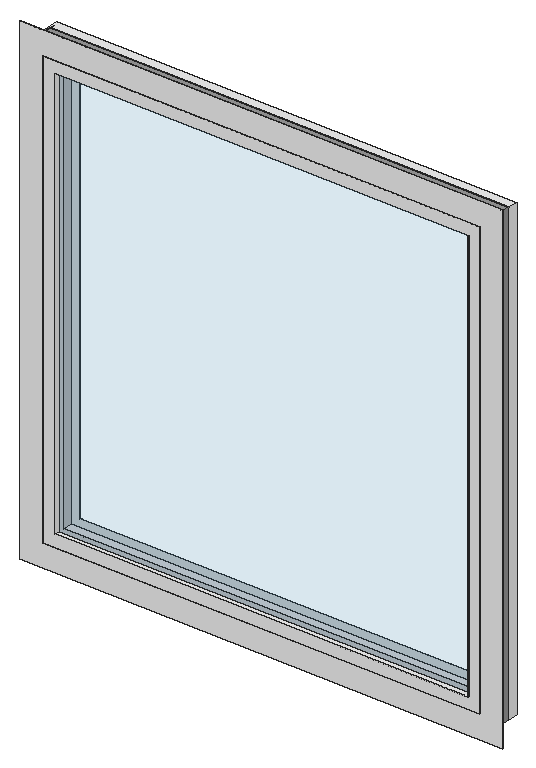
Revit family "Edge_TB42_I_Top_Hung_Standard", category Windows, host Wall, Revit 2014
Parameters (values of type "Casement_Sash_DG")
  Width Sash [instance] = 30 mm
  Width Sash Inner = 15 mm
  Width Bead = 15 mm
  Top Hung [instance] = yes
  Thermal Break Material = Rubber, Black
  Thermal Break Length = 16 mm
  Side Hung Right [instance] = yes
  Side Hung Left [instance] = yes
  Sash Opening Width [instance] = 600 mm
  Sash Opening Height [instance] = 600 mm
  Sash Lip = 15 mm
  Sash Leg [instance] = (Depth Sash - Thermal Break Length) / 2  # 13 mm
  SG Bead Leg = 6.683 mm
  Glazing Material [instance] = Glass
  Glazing Offset = 5 mm
  DG Start Piece 2 [instance] = DG End Piece 1 + DG Gasket Thickness  # 24.158 mm
  DG Start Peice 1 [instance] = ((Depth Sash - (2 * DG Glazing Thickness) - DG Gasket Thickness) / 2) - (SG Bead Leg - Aluminium Thickness) / 2  # 5.758 mm
  DG Glazing Thickness [instance] = 6.4 mm
  DG Gasket Thickness = 12 mm  # constant formula
  DG Gasket Material [instance] = none
  Depth Sash [instance] = 42 mm
  DG End Piece 2 [instance] = DG Start Piece 2 + DG Glazing Thickness  # 30.558 mm
  DG End Piece 1 [instance] = DG Start Peice 1 + DG Glazing Thickness  # 12.158 mm
  Center Vertical Sash [instance] = Sash Opening Height / 2  # 300 mm
  Center Horizontal Sash [instance] = Sash Opening Width / 2  # 300 mm
  Bottom Hung [instance] = yes
  Bead Offset = 15 mm
  Aluminium Thickness = 1 mm
  Aluminium Material [instance] = White Powder Coated Aluminium
Reference planes
  plane 1 "Center (Front/Back)": y = 0
  plane 2: z = 0
  plane 3 "Center (Left/Right)": x = 0
Forms (mm)
  Sweep 1, solid, material "White Powder Coated Aluminium" <- "Aluminium Material"
    path origin (16.177, 0, 121.331) x (1, 0, 0) y (0, 0, 1)
      loop
        line (0, 0) -> (600, 0) -> (600, 600) -> (0, 600) -> (0, 0)
    profile origin (316.177, 0, 121.331) x (0, 0, 1) y (0, -1, 0)
      loop
        line (0, 0) -> (30, 0) -> (30, 1) -> (15, 1) -> (15, 13) -> (14, 13) -> (14, 1) -> (1, 1) -> (1, 13) -> (0, 13) -> (0, 0)
      loop
        line (15, 42) -> (-15, 42) -> (-15, 41) -> (0, 41) -> (0, 29) -> (1, 29) -> (1, 41) -> (14, 41) -> (14, 29) -> (15, 29) -> (15, 42)
  Sweep 2, solid, material "White Powder Coated Aluminium" <- "Aluminium Material"
    path origin (0, 0, 0) x (1, 0, 0) y (0, 0, 1)
      loop
        line (31.177, 706.331) -> (31.177, 136.331) -> (601.177, 136.331) -> (601.177, 706.331) -> (31.177, 706.331)
    profile origin (316.177, 0, 706.331) x (0, 0, 1) y (0, -1, 0)
      loop
        line (0, 41) -> (0, 42) -> (-15, 42) -> (-15, 35.317) -> (-14, 35.317) -> (-14, 41) -> (0, 41)
  Extrusion 3, solid, material "Glass" <- "Glazing Material"
    sketch origin (0, 0, 0) x (1, 0, 0) y (0, 0, 1)
      loop
        line (36.177, 701.331) -> (36.177, 141.331) -> (596.177, 141.331) -> (596.177, 701.331) -> (36.177, 701.331)
    from 5.758 <- "DG Start Peice 1" to 12.158 <- "DG End Piece 1"
  Extrusion 4, solid, material "Glass" <- "Glazing Material"
    sketch origin (0, 0, 0) x (1, 0, 0) y (0, 0, 1)
      loop
        line (36.177, 701.331) -> (36.177, 141.331) -> (596.177, 141.331) -> (596.177, 701.331) -> (36.177, 701.331)
    from 30.558 <- "DG End Piece 2" to 24.158 <- "DG Start Piece 2"
  Sweep 5, solid, material <- "DG Gasket Material"
    path origin (0, -12.158, 0) x (1, 0, 0) y (0, 0, 1)
      loop
        line (36.177, 701.331) -> (36.177, 141.331) -> (596.177, 141.331) -> (596.177, 701.331) -> (36.177, 701.331)
    profile origin (316.177, -12.158, 701.331) x (0, 0, 1) y (0, -1, 0)
      loop
        line (0, 0) -> (0, 12) -> (-7.96, 12) -> (-7.96, 0) -> (0, 0)
  Sweep 6, solid, material "Rubber, Black" <- "Thermal Break Material"
    path origin (16.177, -13, 121.331) x (1, 0, 0) y (0, 0, 1)
      loop
        line (-15, 615) -> (-15, -15) -> (615, -15) -> (615, 615) -> (-15, 615)
    profile origin (316.177, -13, 736.331) x (0, 0, 1) y (0, -1, 0)
      loop
        line (-15, 16) -> (-16, 16) -> (-16, 0) -> (-15, 0) -> (-15, 16)
      loop
        line (-29, 16) -> (-30, 16) -> (-30, 0) -> (-29, 0) -> (-29, 16)
Lines and regions (mm)
  model lines
    curve 1: line (1.177, -42, 736.331) -> (31.177, -42, 706.331)
    curve 2: line (601.177, -42, 706.331) -> (631.177, -42, 736.331)
    curve 3: line (601.177, -42, 136.331) -> (631.177, -42, 106.331)
    curve 4: line (1.177, -42, 106.331) -> (31.177, -42, 136.331)
    curve 5: line (631.177, -41, 736.331) -> (616.177, -41, 721.331)
    curve 6: line (1.177, -41, 736.331) -> (16.177, -41, 721.331)
    curve 7: line (1.177, -41, 106.331) -> (16.177, -41, 121.331)
    curve 8: line (631.177, -41, 106.331) -> (616.177, -41, 121.331)
    curve 9: line (616.177, 0, 121.331) -> (586.177, 0, 151.331)
    curve 10: line (46.177, 0, 151.331) -> (16.177, 0, 121.331)
    curve 11: line (616.177, 0, 721.331) -> (586.177, 0, 691.331)
    curve 12: line (46.177, 0, 691.331) -> (16.177, 0, 721.331)
    curve 13: line (31.177, -42, 691.331) -> (46.177, -42, 691.331)
    curve 14: line (586.177, -42, 691.331) -> (601.177, -42, 691.331)
    curve 15: line (586.177, -42, 151.331) -> (601.177, -42, 151.331)
    curve 16: line (31.177, -42, 151.331) -> (46.177, -42, 151.331)
  model lines, style "GenericModelHiddenLines", visible <- "Top Hung"
    curve 17: line (46.386, -30.558, 690.602) -> (316.177, -30.558, 151.331)
    curve 18: line (316.177, -30.558, 151.331) -> (586.177, -30.558, 691.018)
  model lines, style "GenericModelHiddenLines", visible <- "Bottom Hung"
    curve 19: line (46.177, -30.558, 151.331) -> (316.177, -30.558, 691.018)
    curve 20: line (316.177, -30.558, 691.018) -> (586.177, -30.558, 151.331)
  model lines, style "GenericModelHiddenLines", visible <- "Side Hung Left"
    curve 21: line (46.386, -30.558, 690.602) -> (585.24, -30.558, 421.331)
    curve 22: line (585.24, -30.558, 421.331) -> (46.177, -30.558, 151.331)
  model lines, style "GenericModelHiddenLines", visible <- "Side Hung Right"
    curve 23: line (586.177, -30.558, 691.018) -> (46.177, -30.558, 421.331)
    curve 24: line (46.177, -30.558, 421.331) -> (586.177, -30.558, 151.331)
Dimensions and locks
  "Aluminium Thickness": Sweep 1 sketch curve to Sweep 1 sketch curve  (x6)
  "Depth Sash": Sweep 1 sketch curve to Sweep 1 sketch curve
  "Sash Opening Width": Sweep 1 to Sweep 1
  "Sash Opening Height": Sweep 1 to Sweep 1
  "Width Sash": Sweep 1 sketch curve to Sweep 1 sketch curve  (x2)
  "Width Sash Inner": Sweep 1 sketch curve to Sweep 1 sketch curve
  "Sash Lip": Sweep 1 sketch curve to Sweep 1 sketch curve
  "Glazing Offset": Sweep 2 to Extrusion 3 sketch curve  (x3)
  "Glazing Offset": Extrusion 3 sketch curve to Sweep 2
  Sweep 1 to Sweep 1 = 1 mm
  "Width Bead": Sweep 2 sketch curve to Sweep 2 sketch curve
  locked: Sweep 5 sketch curve to Sweep 5 sketch curve at 7.96
  "Center Horizontal Sash": Sweep 1 to curve 18
  "Center Horizontal Sash": Sweep 1 to curve 20
  "Center Vertical Sash": Sweep 1 to curve 22
  "Center Vertical Sash": Sweep 1 to curve 24
  "Sash Leg": Sweep 1 sketch curve to Sweep 1 sketch curve
  "Aluminium Thickness": Sweep 2 sketch curve to Sweep 2 sketch curve  (x2)
  "SG Bead Leg": Sweep 2 sketch curve to Sweep 2 sketch curve
  aligned and locked: level to plane 2
  aligned and locked: Sweep 1 sketch curve to Sweep 1 sketch curve  (x3)
  aligned and locked: Sweep 2 sketch curve to Sweep 1  (x4)
  aligned and locked: Sweep 1 to Sweep 2 sketch curve  (x2)
  aligned and locked: Extrusion 4 sketch curve to Extrusion 3  (x4)
  aligned and locked: Sweep 5 sketch curve to Extrusion 3  (x5)
  aligned and locked: Extrusion 3 to Sweep 5 sketch curve
  aligned and locked: Sweep 6 sketch curve to Sweep 1  (x10)
  aligned and locked: Sweep 1 to Sweep 6 sketch curve  (x2)
Automatic sketch dimensions
  plane 3 "Center (Left/Right)" to Sweep 1 sketch curve = 16.177 mm
  level to Sweep 1 sketch curve = 121.331 mm
  plane 3 "Center (Left/Right)" to Sweep 1 sketch curve = 616.177 mm
  level to Sweep 1 sketch curve = 721.331 mm
  profile plane to Sweep 5 sketch curve = 12 mm
  curve 7 to Sweep 1 = 0 mm  (x4)
  curve 6 to Sweep 1 = 0 mm  (x3)
  Sweep 1 to curve 6 = 0 mm
  curve 5 to Sweep 1 = 0 mm  (x3)
  curve 8 to Sweep 1 = 0 mm  (x4)
  Sweep 1 to curve 5 = 0 mm
  curve 16 to Sweep 2 = 0 mm  (x3)
  curve 13 to Sweep 2 = 0 mm  (x3)
  curve 15 to Sweep 2 = 0 mm
  Sweep 2 to curve 15 = 0 mm  (x2)
  curve 14 to Sweep 2 = 0 mm  (x2)
  Sweep 2 to curve 14 = 0 mm
  curve 1 to Sweep 1 = 0 mm  (x4)
  curve 4 to Sweep 1 = 0 mm  (x4)
  curve 2 to Sweep 1 = 0 mm  (x4)
  curve 3 to Sweep 1 = 0 mm  (x2)
  Sweep 1 to curve 3 = 0 mm  (x2)
  curve 10 to Sweep 1 = 0 mm  (x4)
  curve 12 to Sweep 1 = 0 mm  (x2)
  Sweep 1 to curve 12 = 0 mm  (x2)
  curve 11 to Sweep 1 = 0 mm  (x4)
  curve 9 to Sweep 1 = 0 mm  (x4)
  profile plane to Sweep 1 sketch curve = 0 mm  (x2)
  Sweep 1 sketch curve to plane 1 "Center (Front/Back)" = 0 mm
  Sweep 1 sketch curve to Sweep 1 sketch curve = 13 mm
  Sweep 1 sketch curve to Sweep 1 sketch curve = 12 mm  (x2)
  curve 21 to Extrusion 4 = 10.208 mm
  curve 19 to Extrusion 4 = 10 mm
  curve 23 to Extrusion 4 = 10 mm  (x2)
  curve 22 to Extrusion 4 = 10.937 mm
  curve 20 to Extrusion 4 = 10 mm
  curve 24 to Extrusion 4 = 10 mm
  curve 22 to Extrusion 4 = 10 mm
  curve 18 to Extrusion 4 = 10 mm
  curve 21 to Extrusion 4 = 10.729 mm
  curve 19 to Extrusion 4 = 10.312 mm
  curve 18 to Extrusion 4 = 10.312 mm
Types in the file's own list only (24): name | Windload Design | Width Sash Opening | Width Sash 2 | Width Sash 1 | Width Profile | Width Panel 4 | Width Panel 3 | Width Panel 2 | Width Panel 1 | Width | URL | Max System DG Unit Thickness | Max System DG One Piece Thickness | Max Pane Area | Limit Sash Bottom Height Max Calc | Limit Sash Bottom Height Max Based On Top Sash | Intruderprufe U Value | Intruderprufe SHGC Value | Intruderprufe LowE U Value | Intruderprufe LowE SHGC Value | Intruderprufe Insulated U Value | Intruderprufe Insulated SHGC Value | Intruderprufe Insulated LowE U Value | Intruderprufe Insulated LowE SHGC Value | Height | Has Stiffener Cap | Energy Advantage U Value | Energy Advantage SHGC Value | DG Thickness Calc | Custom Window Width | Custom Window Height | Custom Windload | Custom Sash Width | Custom Sash Bottom Height | Custom Sash Top Height | Sash Spacing Inner | Sash Overlap | Sash Center Offset | SG Gasket Thickness | Offset Window Exterior | Offset Sash Left | Offset Sash 2 Top | Offset Sash 1 Top | Offset Panel 4 Left | Offset Panel 3 Bead Top | Offset Mullion Left | Offset Transom 2 Top | Offset Transom 1 Top | Offset Bead SG Center Reversed | Model | Manufacturer | Limit Window Width Min | Limit Window Width Max | Limit Window Height Min | Limit Window Height Max | Limit Sash Width Min | Limit Sash Width Max | Limit Sash Bottom Height Min | Limit Sash Bottom Height Max | Limit Sash Top Height Min | Limit Sash Top Height Max | Limit Fixed Pane Width Min | Limit Fixed Pane Width Max | Limit Fixed Pane Height Min | Limit Fixed Pane Height Max | Length Transom | Length Mullion | Height Sash Bottom Opening | Height Sash Bottom | Height Sash Top Opening | Height Sash Top | Height Panel 4 | Height Panel 3 | Height Panel 2 | Height Panel 1 | Description | Depth Mullion | Frame Center Offset | Depth Bead | Default Sill Height | Wall Closure | DG Gasket Finish | DG Extrusion Start | Mullion Depth Windload Based | Window Exterior Offset | Clearvue U Value | Clearvue SHGC Value | Clearvue Insulated U Value | Clearvue Insulated SHGC Value | Clearvue Insulated LowE U Value | Clearvue Insulated LowE SHGC Value | Casement Dimension | Bottom Hung | Bead SG Gap | Area Pane Right | Area Pane Left Top | Area Pane Left Middle | Area Pane Left Bottom
  EDGE-1215DT-1000Pa | 1000 mm | 554 mm | 524 mm | 524 mm | 30 mm | 560 mm | 540 mm | 540 mm | 540 mm | 1190 mm | "http://www.crealco.co.za/crealco-products.php" | 25 mm | 6 mm | 0.78 m² | 644 mm | 644 mm | 7.17 | 0.829 | 5.28 | 0.74 | 4.03 | 0.734 | 3.31 | 0.664 | 1490 mm | Yes | 5.3 | 0.794 | 4 mm | 1190 mm | 1490 mm | 1000 mm | 554 mm | 554 mm | 554 mm | 8 mm | 7 mm | 18 mm | 6 mm | 21 mm | 23 mm | 593 mm | 23 mm | 600 mm | 1170 mm | 570 mm | 1140 mm | 570 mm | 21 mm | "Edge" | "Crealco" | 830 mm | 2130 mm | 1400 mm | 1860 mm | 300 mm | 1500 mm | 300 mm | 644 mm | 300 mm | 1200 mm | 200 mm | 1500 mm | 200 mm | 1800 mm | 540 mm | 1490 mm | 554 mm | 524 mm | 554 mm | 524 mm | 1430 mm | 290 mm | 540 mm | 540 mm | "Thermal break casement windows (42mm), Type I top hung" | 1 mm | 21 mm | 28 mm | 800 mm | By host | Double Glazing Gasket Material | 11 mm | 1 mm | 0 mm | 7.3 | 0.888 | 4.09 | 0.8 | 3.36 | 0.727 | 42 mm | No | 13 mm | 0.78 m² | 0.23 m² | 0.23 m² | 0.15 m²
  EDGE-1515DT-1000Pa | 1000 mm | 554 mm | 524 mm | 524 mm | 30 mm | 860 mm | 540 mm | 540 mm | 540 mm | 1490 mm | "http://www.crealco.co.za/crealco-products.php" | 25 mm | 6 mm | 1.21 m² | 644 mm | 644 mm | 8.07 | 0.961 | 5.79 | 0.856 | 4.39 | 0.848 | 3.53 | 0.766 | 1490 mm | Yes | 5.83 | 0.919 | 4 mm | 1490 mm | 1490 mm | 1000 mm | 554 mm | 554 mm | 554 mm | 8 mm | 7 mm | 18 mm | 6 mm | 21 mm | 23 mm | 593 mm | 23 mm | 600 mm | 1170 mm | 570 mm | 1140 mm | 570 mm | 21 mm | "Edge" | "Crealco" | 830 mm | 2130 mm | 1400 mm | 1860 mm | 300 mm | 1500 mm | 300 mm | 644 mm | 300 mm | 1200 mm | 200 mm | 1500 mm | 200 mm | 1800 mm | 540 mm | 1490 mm | 554 mm | 524 mm | 554 mm | 524 mm | 1430 mm | 290 mm | 540 mm | 540 mm | "Thermal break casement windows (42mm), Type I top hung" | 1 mm | 21 mm | 28 mm | 800 mm | By host | Double Glazing Gasket Material | 11 mm | 1 mm | 0 mm | 8.22 | 1.028 | 4.46 | 0.923 | 3.59 | 0.839 | 42 mm | No | 13 mm | 1.21 m² | 0.23 m² | 0.23 m² | 0.15 m²
  EDGE-1218DT-1000Pa | 1000 mm | 554 mm | 524 mm | 524 mm | 30 mm | 560 mm | 540 mm | 540 mm | 540 mm | 1190 mm | "http://www.crealco.co.za/crealco-products.php" | 25 mm | 6 mm | 0.95 m² | 944 mm | 944 mm | 7.61 | 0.902 | 5.53 | 0.804 | 4.2 | 0.797 | 3.41 | 0.721 | 1790 mm | Yes | 5.56 | 0.863 | 4 mm | 1190 mm | 1790 mm | 1000 mm | 554 mm | 554 mm | 554 mm | 8 mm | 7 mm | 18 mm | 6 mm | 21 mm | 23 mm | 593 mm | 23 mm | 600 mm | 1170 mm | 570 mm | 1140 mm | 570 mm | 21 mm | "Edge" | "Crealco" | 830 mm | 2130 mm | 1400 mm | 1860 mm | 300 mm | 1500 mm | 300 mm | 944 mm | 300 mm | 1200 mm | 200 mm | 1500 mm | 200 mm | 1800 mm | 540 mm | 1790 mm | 554 mm | 524 mm | 554 mm | 524 mm | 1730 mm | 590 mm | 540 mm | 540 mm | "Thermal break casement windows (42mm), Type I top hung" | 1 mm | 21 mm | 28 mm | 800 mm | By host | Double Glazing Gasket Material | 11 mm | 1 mm | 0 mm | 7.76 | 0.965 | 4.26 | 0.868 | 3.47 | 0.789 | 42 mm | No | 13 mm | 0.95 m² | 0.23 m² | 0.23 m² | 0.31 m²
  EDGE-1518DT-1000Pa | 1000 mm | 554 mm | 524 mm | 524 mm | 30 mm | 860 mm | 540 mm | 540 mm | 540 mm | 1490 mm | "http://www.crealco.co.za/crealco-products.php" | 25 mm | 6 mm | 1.46 m² | 944 mm | 944 mm | 8.69 | 1.057 | 6.16 | 0.94 | 4.65 | 0.93 | 3.7 | 0.841 | 1790 mm | Yes | 7.9 | 0 | 4 mm | 1490 mm | 1790 mm | 1000 mm | 554 mm | 554 mm | 554 mm | 8 mm | 7 mm | 18 mm | 6 mm | 21 mm | 23 mm | 593 mm | 23 mm | 600 mm | 1170 mm | 570 mm | 1140 mm | 570 mm | 21 mm | "Edge" | "Crealco" | 830 mm | 2130 mm | 1400 mm | 1860 mm | 300 mm | 1500 mm | 300 mm | 944 mm | 300 mm | 1200 mm | 200 mm | 1500 mm | 200 mm | 1800 mm | 540 mm | 1790 mm | 554 mm | 524 mm | 554 mm | 524 mm | 1730 mm | 590 mm | 540 mm | 540 mm | "Thermal break casement windows (42mm), Type I top hung" | 1 mm | 21 mm | 28 mm | 800 mm | By host | Double Glazing Gasket Material | 11 mm | 1 mm | 0 mm | 7.9 | 0 | 4.73 | 1.012 | 3.77 | 0.92 | 42 mm | No | 13 mm | 1.46 m² | 0.23 m² | 0.23 m² | 0.31 m²
  EDGE-1815DT-1000Pa | 1000 mm | 854 mm | 824 mm | 824 mm | 30 mm | 860 mm | 840 mm | 840 mm | 840 mm | 1790 mm | "http://www.crealco.co.za/crealco-products.php" | 25 mm | 6 mm | 1.21 m² | 644 mm | 644 mm | 7.42 | 0.872 | 5.34 | 0.777 | 4.05 | 0.769 | 3.27 | 0.694 | 1490 mm | Yes | 5.37 | 0.834 | 4 mm | 1790 mm | 1490 mm | 1000 mm | 854 mm | 554 mm | 554 mm | 8 mm | 7 mm | 18 mm | 6 mm | 21 mm | 23 mm | 593 mm | 23 mm | 900 mm | 1170 mm | 870 mm | 1140 mm | 570 mm | 21 mm | "Edge" | "Crealco" | 1130 mm | 2430 mm | 1400 mm | 1860 mm | 300 mm | 1500 mm | 300 mm | 644 mm | 300 mm | 1200 mm | 200 mm | 1500 mm | 200 mm | 1800 mm | 840 mm | 1490 mm | 554 mm | 524 mm | 554 mm | 524 mm | 1430 mm | 290 mm | 540 mm | 540 mm | "Thermal break casement windows (42mm), Type I top hung" | 1 mm | 21 mm | 28 mm | 800 mm | By host | Double Glazing Gasket Material | 11 mm | 1 mm | 0 mm | 7.56 | 0.933 | 4.12 | 0.837 | 3.32 | 0.76 | 42 mm | No | 13 mm | 1.21 m² | 0.38 m² | 0.38 m² | 0.23 m²
  EDGE-2415DT-1000Pa | 1000 mm | 854 mm | 824 mm | 824 mm | 30 mm | 1460 mm | 840 mm | 840 mm | 840 mm | 2390 mm | "http://www.crealco.co.za/crealco-products.php" | 25 mm | 6 mm | 2.06 m² | 644 mm | 644 mm | 8.53 | 1.034 | 5.99 | 0.919 | 4.51 | 0.908 | 3.56 | 0.82 | 1490 mm | Yes | 7.9 | 0 | 4 mm | 2390 mm | 1490 mm | 1000 mm | 854 mm | 554 mm | 554 mm | 8 mm | 7 mm | 18 mm | 6 mm | 21 mm | 23 mm | 593 mm | 23 mm | 900 mm | 1170 mm | 870 mm | 1140 mm | 570 mm | 21 mm | "Edge" | "Crealco" | 1130 mm | 2430 mm | 1400 mm | 1860 mm | 300 mm | 1500 mm | 300 mm | 644 mm | 300 mm | 1200 mm | 200 mm | 1500 mm | 200 mm | 1800 mm | 840 mm | 1490 mm | 554 mm | 524 mm | 554 mm | 524 mm | 1430 mm | 290 mm | 540 mm | 540 mm | "Thermal break casement windows (42mm), Type I top hung" | 1 mm | 21 mm | 28 mm | 800 mm | By host | Double Glazing Gasket Material | 11 mm | 1 mm | 0 mm | 7.9 | 0 | 4.59 | 0.988 | 3.62 | 0.897 | 42 mm | No | 13 mm | 2.06 m² | 0.38 m² | 0.38 m² | 0.23 m²
  EDGE-1818DT-1000Pa | 1000 mm | 854 mm | 824 mm | 824 mm | 30 mm | 860 mm | 840 mm | 840 mm | 840 mm | 1790 mm | "http://www.crealco.co.za/crealco-products.php" | 25 mm | 6 mm | 1.46 m² | 944 mm | 944 mm | 7.87 | 0.948 | 5.58 | 0.843 | 4.22 | 0.834 | 3.36 | 0.753 | 1790 mm | Yes | 7.9 | 0 | 4 mm | 1790 mm | 1790 mm | 1000 mm | 854 mm | 554 mm | 554 mm | 8 mm | 7 mm | 18 mm | 6 mm | 21 mm | 23 mm | 593 mm | 23 mm | 900 mm | 1170 mm | 870 mm | 1140 mm | 570 mm | 21 mm | "Edge" | "Crealco" | 1130 mm | 2430 mm | 1400 mm | 1860 mm | 300 mm | 1500 mm | 300 mm | 944 mm | 300 mm | 1200 mm | 200 mm | 1500 mm | 200 mm | 1800 mm | 840 mm | 1790 mm | 554 mm | 524 mm | 554 mm | 524 mm | 1730 mm | 590 mm | 540 mm | 540 mm | "Thermal break casement windows (42mm), Type I top hung" | 1 mm | 21 mm | 28 mm | 800 mm | By host | Double Glazing Gasket Material | 11 mm | 1 mm | 0 mm | 7.9 | 0 | 4.29 | 0.907 | 3.41 | 0.824 | 42 mm | No | 13 mm | 1.46 m² | 0.38 m² | 0.38 m² | 0.48 m²
  EDGE-2418DT-1000Pa | 1000 mm | 854 mm | 824 mm | 824 mm | 30 mm | 1460 mm | 840 mm | 840 mm | 840 mm | 2390 mm | "http://www.crealco.co.za/crealco-products.php" | 25 mm | 6 mm | 2.49 m² | 944 mm | 944 mm | 9.21 | 1.14 | 6.39 | 1.012 | 4.8 | 0.999 | 3.74 | 0.902 | 1790 mm | Yes | 7.9 | 0 | 5 mm | 2390 mm | 1790 mm | 1000 mm | 854 mm | 554 mm | 554 mm | 8 mm | 7 mm | 18 mm | 6 mm | 21 mm | 23 mm | 593 mm | 23 mm | 900 mm | 1170 mm | 870 mm | 1140 mm | 570 mm | 21 mm | "Edge" | "Crealco" | 1130 mm | 2430 mm | 1400 mm | 1860 mm | 300 mm | 1500 mm | 300 mm | 944 mm | 300 mm | 1200 mm | 200 mm | 1500 mm | 200 mm | 1800 mm | 840 mm | 1790 mm | 554 mm | 524 mm | 554 mm | 524 mm | 1730 mm | 590 mm | 540 mm | 540 mm | "Thermal break casement windows (42mm), Type I top hung" | 1 mm | 21 mm | 28 mm | 800 mm | By host | Double Glazing Gasket Material | 11 mm | 1 mm | 0 mm | 7.9 | 0 | 7.9 | 0 | 7.9 | 0 | 42 mm | No | 13 mm | 2.49 m² | 0.38 m² | 0.38 m² | 0.48 m²
  EDGE-1215DT-1500Pa | 1500 mm | 554 mm | 524 mm | 524 mm | 30 mm | 560 mm | 540 mm | 540 mm | 540 mm | 1190 mm | "http://www.crealco.co.za/crealco-products.php" | 25 mm | 6 mm | 0.78 m² | 644 mm | 644 mm | 7.17 | 0.829 | 5.28 | 0.74 | 4.03 | 0.734 | 3.31 | 0.664 | 1490 mm | Yes | 5.3 | 0.794 | 4 mm | 1190 mm | 1490 mm | 1500 mm | 554 mm | 554 mm | 554 mm | 8 mm | 7 mm | 18 mm | 6 mm | 21 mm | 23 mm | 593 mm | 23 mm | 600 mm | 1170 mm | 570 mm | 1140 mm | 570 mm | 21 mm | "Edge" | "Crealco" | 830 mm | 2130 mm | 1400 mm | 1860 mm | 300 mm | 1500 mm | 300 mm | 644 mm | 300 mm | 1200 mm | 200 mm | 1500 mm | 200 mm | 1800 mm | 540 mm | 1490 mm | 554 mm | 524 mm | 554 mm | 524 mm | 1430 mm | 290 mm | 540 mm | 540 mm | "Thermal break casement windows (42mm), Type I top hung" | 1 mm | 21 mm | 28 mm | 800 mm | By host | Double Glazing Gasket Material | 11 mm | 1 mm | 0 mm | 7.3 | 0.888 | 4.09 | 0.8 | 3.36 | 0.727 | 42 mm | No | 13 mm | 0.78 m² | 0.23 m² | 0.23 m² | 0.15 m²
  EDGE-1215DT-2000Pa | 2000 mm | 554 mm | 524 mm | 524 mm | 30 mm | 560 mm | 540 mm | 540 mm | 540 mm | 1190 mm | "http://www.crealco.co.za/crealco-products.php" | 25 mm | 6 mm | 0.78 m² | 644 mm | 644 mm | 7.17 | 0.829 | 5.28 | 0.74 | 4.03 | 0.734 | 3.31 | 0.664 | 1490 mm | Yes | 5.3 | 0.794 | 4 mm | 1190 mm | 1490 mm | 2000 mm | 554 mm | 554 mm | 554 mm | 8 mm | 7 mm | 18 mm | 6 mm | 21 mm | 23 mm | 593 mm | 23 mm | 600 mm | 1170 mm | 570 mm | 1140 mm | 570 mm | 21 mm | "Edge" | "Crealco" | 830 mm | 2130 mm | 1400 mm | 1860 mm | 300 mm | 1500 mm | 300 mm | 644 mm | 300 mm | 1200 mm | 200 mm | 1500 mm | 200 mm | 1800 mm | 540 mm | 1490 mm | 554 mm | 524 mm | 554 mm | 524 mm | 1430 mm | 290 mm | 540 mm | 540 mm | "Thermal break casement windows (42mm), Type I top hung" | 1 mm | 21 mm | 28 mm | 800 mm | By host | Double Glazing Gasket Material | 11 mm | 1 mm | 0 mm | 7.3 | 0.888 | 4.09 | 0.8 | 3.36 | 0.727 | 42 mm | No | 13 mm | 0.78 m² | 0.23 m² | 0.23 m² | 0.15 m²
  EDGE-1515DT-1500Pa | 1500 mm | 554 mm | 524 mm | 524 mm | 30 mm | 860 mm | 540 mm | 540 mm | 540 mm | 1490 mm | "http://www.crealco.co.za/crealco-products.php" | 25 mm | 6 mm | 1.21 m² | 644 mm | 644 mm | 8.07 | 0.961 | 5.79 | 0.856 | 4.39 | 0.848 | 3.53 | 0.766 | 1490 mm | Yes | 5.83 | 0.919 | 4 mm | 1490 mm | 1490 mm | 1500 mm | 554 mm | 554 mm | 554 mm | 8 mm | 7 mm | 18 mm | 6 mm | 21 mm | 23 mm | 593 mm | 23 mm | 600 mm | 1170 mm | 570 mm | 1140 mm | 570 mm | 21 mm | "Edge" | "Crealco" | 830 mm | 2130 mm | 1400 mm | 1860 mm | 300 mm | 1500 mm | 300 mm | 644 mm | 300 mm | 1200 mm | 200 mm | 1500 mm | 200 mm | 1800 mm | 540 mm | 1490 mm | 554 mm | 524 mm | 554 mm | 524 mm | 1430 mm | 290 mm | 540 mm | 540 mm | "Thermal break casement windows (42mm), Type I top hung" | 1 mm | 21 mm | 28 mm | 800 mm | By host | Double Glazing Gasket Material | 11 mm | 1 mm | 0 mm | 8.22 | 1.028 | 4.46 | 0.923 | 3.59 | 0.839 | 42 mm | No | 13 mm | 1.21 m² | 0.23 m² | 0.23 m² | 0.15 m²
  EDGE-1515DT-2000Pa | 2000 mm | 554 mm | 524 mm | 524 mm | 30 mm | 860 mm | 540 mm | 540 mm | 540 mm | 1490 mm | "http://www.crealco.co.za/crealco-products.php" | 25 mm | 6 mm | 1.21 m² | 644 mm | 644 mm | 8.07 | 0.961 | 5.79 | 0.856 | 4.39 | 0.848 | 3.53 | 0.766 | 1490 mm | Yes | 5.83 | 0.919 | 4 mm | 1490 mm | 1490 mm | 2000 mm | 554 mm | 554 mm | 554 mm | 8 mm | 7 mm | 18 mm | 6 mm | 21 mm | 23 mm | 593 mm | 23 mm | 600 mm | 1170 mm | 570 mm | 1140 mm | 570 mm | 21 mm | "Edge" | "Crealco" | 830 mm | 2130 mm | 1400 mm | 1860 mm | 300 mm | 1500 mm | 300 mm | 644 mm | 300 mm | 1200 mm | 200 mm | 1500 mm | 200 mm | 1800 mm | 540 mm | 1490 mm | 554 mm | 524 mm | 554 mm | 524 mm | 1430 mm | 290 mm | 540 mm | 540 mm | "Thermal break casement windows (42mm), Type I top hung" | 1 mm | 21 mm | 28 mm | 800 mm | By host | Double Glazing Gasket Material | 11 mm | 1 mm | 0 mm | 8.22 | 1.028 | 4.46 | 0.923 | 3.59 | 0.839 | 42 mm | No | 13 mm | 1.21 m² | 0.23 m² | 0.23 m² | 0.15 m²
  EDGE-1815DT-1500Pa | 1500 mm | 854 mm | 824 mm | 824 mm | 30 mm | 860 mm | 840 mm | 840 mm | 840 mm | 1790 mm | "http://www.crealco.co.za/crealco-products.php" | 25 mm | 6 mm | 1.21 m² | 644 mm | 644 mm | 7.42 | 0.872 | 5.34 | 0.777 | 4.05 | 0.769 | 3.27 | 0.694 | 1490 mm | Yes | 5.37 | 0.834 | 4 mm | 1790 mm | 1490 mm | 1500 mm | 854 mm | 554 mm | 554 mm | 8 mm | 7 mm | 18 mm | 6 mm | 21 mm | 23 mm | 593 mm | 23 mm | 900 mm | 1170 mm | 870 mm | 1140 mm | 570 mm | 21 mm | "Edge" | "Crealco" | 1130 mm | 2430 mm | 1400 mm | 1860 mm | 300 mm | 1500 mm | 300 mm | 644 mm | 300 mm | 1200 mm | 200 mm | 1500 mm | 200 mm | 1800 mm | 840 mm | 1490 mm | 554 mm | 524 mm | 554 mm | 524 mm | 1430 mm | 290 mm | 540 mm | 540 mm | "Thermal break casement windows (42mm), Type I top hung" | 1 mm | 21 mm | 28 mm | 800 mm | By host | Double Glazing Gasket Material | 11 mm | 1 mm | 0 mm | 7.56 | 0.933 | 4.12 | 0.837 | 3.32 | 0.76 | 42 mm | No | 13 mm | 1.21 m² | 0.38 m² | 0.38 m² | 0.23 m²
  EDGE-1815DT-2000Pa | 2000 mm | 854 mm | 824 mm | 824 mm | 30 mm | 860 mm | 840 mm | 840 mm | 840 mm | 1790 mm | "http://www.crealco.co.za/crealco-products.php" | 25 mm | 6 mm | 1.21 m² | 644 mm | 644 mm | 7.42 | 0.872 | 5.34 | 0.777 | 4.05 | 0.769 | 3.27 | 0.694 | 1490 mm | Yes | 5.37 | 0.834 | 4 mm | 1790 mm | 1490 mm | 2000 mm | 854 mm | 554 mm | 554 mm | 8 mm | 7 mm | 18 mm | 6 mm | 21 mm | 23 mm | 593 mm | 23 mm | 900 mm | 1170 mm | 870 mm | 1140 mm | 570 mm | 21 mm | "Edge" | "Crealco" | 1130 mm | 2430 mm | 1400 mm | 1860 mm | 300 mm | 1500 mm | 300 mm | 644 mm | 300 mm | 1200 mm | 200 mm | 1500 mm | 200 mm | 1800 mm | 840 mm | 1490 mm | 554 mm | 524 mm | 554 mm | 524 mm | 1430 mm | 290 mm | 540 mm | 540 mm | "Thermal break casement windows (42mm), Type I top hung" | 1 mm | 21 mm | 28 mm | 800 mm | By host | Double Glazing Gasket Material | 11 mm | 1 mm | 0 mm | 7.56 | 0.933 | 4.12 | 0.837 | 3.32 | 0.76 | 42 mm | No | 13 mm | 1.21 m² | 0.38 m² | 0.38 m² | 0.23 m²
  EDGE-2415DT-1500Pa | 1500 mm | 854 mm | 824 mm | 824 mm | 30 mm | 1460 mm | 840 mm | 840 mm | 840 mm | 2390 mm | "http://www.crealco.co.za/crealco-products.php" | 25 mm | 6 mm | 2.06 m² | 644 mm | 644 mm | 8.53 | 1.034 | 5.99 | 0.919 | 4.51 | 0.908 | 3.56 | 0.82 | 1490 mm | Yes | 7.9 | 0 | 4 mm | 2390 mm | 1490 mm | 1500 mm | 854 mm | 554 mm | 554 mm | 8 mm | 7 mm | 18 mm | 6 mm | 21 mm | 23 mm | 593 mm | 23 mm | 900 mm | 1170 mm | 870 mm | 1140 mm | 570 mm | 21 mm | "Edge" | "Crealco" | 1130 mm | 2430 mm | 1400 mm | 1860 mm | 300 mm | 1500 mm | 300 mm | 644 mm | 300 mm | 1200 mm | 200 mm | 1500 mm | 200 mm | 1800 mm | 840 mm | 1490 mm | 554 mm | 524 mm | 554 mm | 524 mm | 1430 mm | 290 mm | 540 mm | 540 mm | "Thermal break casement windows (42mm), Type I top hung" | 1 mm | 21 mm | 28 mm | 800 mm | By host | Double Glazing Gasket Material | 11 mm | 1 mm | 0 mm | 7.9 | 0 | 4.59 | 0.988 | 3.62 | 0.897 | 42 mm | No | 13 mm | 2.06 m² | 0.38 m² | 0.38 m² | 0.23 m²
  EDGE-2415DT-2000Pa | 2000 mm | 854 mm | 824 mm | 824 mm | 30 mm | 1460 mm | 840 mm | 840 mm | 840 mm | 2390 mm | "http://www.crealco.co.za/crealco-products.php" | 25 mm | 6 mm | 2.06 m² | 644 mm | 644 mm | 8.53 | 1.034 | 5.99 | 0.919 | 4.51 | 0.908 | 3.56 | 0.82 | 1490 mm | Yes | 7.9 | 0 | 4 mm | 2390 mm | 1490 mm | 2000 mm | 854 mm | 554 mm | 554 mm | 8 mm | 7 mm | 18 mm | 6 mm | 21 mm | 23 mm | 593 mm | 23 mm | 900 mm | 1170 mm | 870 mm | 1140 mm | 570 mm | 21 mm | "Edge" | "Crealco" | 1130 mm | 2430 mm | 1400 mm | 1860 mm | 300 mm | 1500 mm | 300 mm | 644 mm | 300 mm | 1200 mm | 200 mm | 1500 mm | 200 mm | 1800 mm | 840 mm | 1490 mm | 554 mm | 524 mm | 554 mm | 524 mm | 1430 mm | 290 mm | 540 mm | 540 mm | "Thermal break casement windows (42mm), Type I top hung" | 1 mm | 21 mm | 28 mm | 800 mm | By host | Double Glazing Gasket Material | 11 mm | 1 mm | 0 mm | 7.9 | 0 | 4.59 | 0.988 | 3.62 | 0.897 | 42 mm | No | 13 mm | 2.06 m² | 0.38 m² | 0.38 m² | 0.23 m²
  EDGE-1218DT-1500Pa | 1500 mm | 554 mm | 524 mm | 524 mm | 30 mm | 560 mm | 540 mm | 540 mm | 540 mm | 1190 mm | "http://www.crealco.co.za/crealco-products.php" | 25 mm | 6 mm | 0.95 m² | 944 mm | 944 mm | 7.61 | 0.902 | 5.53 | 0.804 | 4.2 | 0.797 | 3.41 | 0.721 | 1790 mm | Yes | 5.56 | 0.863 | 4 mm | 1190 mm | 1790 mm | 1500 mm | 554 mm | 554 mm | 554 mm | 8 mm | 7 mm | 18 mm | 6 mm | 21 mm | 23 mm | 593 mm | 23 mm | 600 mm | 1170 mm | 570 mm | 1140 mm | 570 mm | 21 mm | "Edge" | "Crealco" | 830 mm | 2130 mm | 1400 mm | 1860 mm | 300 mm | 1500 mm | 300 mm | 944 mm | 300 mm | 1200 mm | 200 mm | 1500 mm | 200 mm | 1800 mm | 540 mm | 1790 mm | 554 mm | 524 mm | 554 mm | 524 mm | 1730 mm | 590 mm | 540 mm | 540 mm | "Thermal break casement windows (42mm), Type I top hung" | 1 mm | 21 mm | 28 mm | 800 mm | By host | Double Glazing Gasket Material | 11 mm | 1 mm | 0 mm | 7.76 | 0.965 | 4.26 | 0.868 | 3.47 | 0.789 | 42 mm | No | 13 mm | 0.95 m² | 0.23 m² | 0.23 m² | 0.31 m²
  EDGE-1218DT-2000Pa | 2000 mm | 554 mm | 524 mm | 524 mm | 30 mm | 560 mm | 540 mm | 540 mm | 540 mm | 1190 mm | "http://www.crealco.co.za/crealco-products.php" | 25 mm | 6 mm | 0.95 m² | 944 mm | 944 mm | 7.61 | 0.902 | 5.53 | 0.804 | 4.2 | 0.797 | 3.41 | 0.721 | 1790 mm | Yes | 5.56 | 0.863 | 4 mm | 1190 mm | 1790 mm | 2000 mm | 554 mm | 554 mm | 554 mm | 8 mm | 7 mm | 18 mm | 6 mm | 21 mm | 23 mm | 593 mm | 23 mm | 600 mm | 1170 mm | 570 mm | 1140 mm | 570 mm | 21 mm | "Edge" | "Crealco" | 830 mm | 2130 mm | 1400 mm | 1860 mm | 300 mm | 1500 mm | 300 mm | 944 mm | 300 mm | 1200 mm | 200 mm | 1500 mm | 200 mm | 1800 mm | 540 mm | 1790 mm | 554 mm | 524 mm | 554 mm | 524 mm | 1730 mm | 590 mm | 540 mm | 540 mm | "Thermal break casement windows (42mm), Type I top hung" | 1 mm | 21 mm | 28 mm | 800 mm | By host | Double Glazing Gasket Material | 11 mm | 1 mm | 0 mm | 7.76 | 0.965 | 4.26 | 0.868 | 3.47 | 0.789 | 42 mm | No | 13 mm | 0.95 m² | 0.23 m² | 0.23 m² | 0.31 m²
  EDGE-1518DT-1500Pa | 1500 mm | 554 mm | 524 mm | 524 mm | 30 mm | 860 mm | 540 mm | 540 mm | 540 mm | 1490 mm | "http://www.crealco.co.za/crealco-products.php" | 25 mm | 6 mm | 1.46 m² | 944 mm | 944 mm | 8.69 | 1.057 | 6.16 | 0.94 | 4.65 | 0.93 | 3.7 | 0.841 | 1790 mm | Yes | 7.9 | 0 | 4 mm | 1490 mm | 1790 mm | 1500 mm | 554 mm | 554 mm | 554 mm | 8 mm | 7 mm | 18 mm | 6 mm | 21 mm | 23 mm | 593 mm | 23 mm | 600 mm | 1170 mm | 570 mm | 1140 mm | 570 mm | 21 mm | "Edge" | "Crealco" | 830 mm | 2130 mm | 1400 mm | 1860 mm | 300 mm | 1500 mm | 300 mm | 944 mm | 300 mm | 1200 mm | 200 mm | 1500 mm | 200 mm | 1800 mm | 540 mm | 1790 mm | 554 mm | 524 mm | 554 mm | 524 mm | 1730 mm | 590 mm | 540 mm | 540 mm | "Thermal break casement windows (42mm), Type I top hung" | 1 mm | 21 mm | 28 mm | 800 mm | By host | Double Glazing Gasket Material | 11 mm | 1 mm | 0 mm | 7.9 | 0 | 4.73 | 1.012 | 3.77 | 0.92 | 42 mm | No | 13 mm | 1.46 m² | 0.23 m² | 0.23 m² | 0.31 m²
  EDGE-1518DT-2000Pa | 2000 mm | 554 mm | 524 mm | 524 mm | 30 mm | 860 mm | 540 mm | 540 mm | 540 mm | 1490 mm | "http://www.crealco.co.za/crealco-products.php" | 25 mm | 6 mm | 1.46 m² | 944 mm | 944 mm | 8.69 | 1.057 | 6.16 | 0.94 | 4.65 | 0.93 | 3.7 | 0.841 | 1790 mm | Yes | 7.9 | 0 | 4 mm | 1490 mm | 1790 mm | 2000 mm | 554 mm | 554 mm | 554 mm | 8 mm | 7 mm | 18 mm | 6 mm | 21 mm | 23 mm | 593 mm | 23 mm | 600 mm | 1170 mm | 570 mm | 1140 mm | 570 mm | 21 mm | "Edge" | "Crealco" | 830 mm | 2130 mm | 1400 mm | 1860 mm | 300 mm | 1500 mm | 300 mm | 944 mm | 300 mm | 1200 mm | 200 mm | 1500 mm | 200 mm | 1800 mm | 540 mm | 1790 mm | 554 mm | 524 mm | 554 mm | 524 mm | 1730 mm | 590 mm | 540 mm | 540 mm | "Thermal break casement windows (42mm), Type I top hung" | 1 mm | 21 mm | 28 mm | 800 mm | By host | Double Glazing Gasket Material | 11 mm | 1 mm | 0 mm | 7.9 | 0 | 4.73 | 1.012 | 3.77 | 0.92 | 42 mm | No | 13 mm | 1.46 m² | 0.23 m² | 0.23 m² | 0.31 m²
  EDGE-1818DT-1500Pa | 1500 mm | 854 mm | 824 mm | 824 mm | 30 mm | 860 mm | 840 mm | 840 mm | 840 mm | 1790 mm | "http://www.crealco.co.za/crealco-products.php" | 25 mm | 6 mm | 1.46 m² | 944 mm | 944 mm | 7.87 | 0.948 | 5.58 | 0.843 | 4.22 | 0.834 | 3.36 | 0.753 | 1790 mm | Yes | 7.9 | 0 | 4 mm | 1790 mm | 1790 mm | 1500 mm | 854 mm | 554 mm | 554 mm | 8 mm | 7 mm | 18 mm | 6 mm | 21 mm | 23 mm | 593 mm | 23 mm | 900 mm | 1170 mm | 870 mm | 1140 mm | 570 mm | 21 mm | "Edge" | "Crealco" | 1130 mm | 2430 mm | 1400 mm | 1860 mm | 300 mm | 1500 mm | 300 mm | 944 mm | 300 mm | 1200 mm | 200 mm | 1500 mm | 200 mm | 1800 mm | 840 mm | 1790 mm | 554 mm | 524 mm | 554 mm | 524 mm | 1730 mm | 590 mm | 540 mm | 540 mm | "Thermal break casement windows (42mm), Type I top hung" | 1 mm | 21 mm | 28 mm | 800 mm | By host | Double Glazing Gasket Material | 11 mm | 1 mm | 0 mm | 7.9 | 0 | 4.29 | 0.907 | 3.41 | 0.824 | 42 mm | No | 13 mm | 1.46 m² | 0.38 m² | 0.38 m² | 0.48 m²
  EDGE-1818DT-2000Pa | 2000 mm | 854 mm | 824 mm | 824 mm | 30 mm | 860 mm | 840 mm | 840 mm | 840 mm | 1790 mm | "http://www.crealco.co.za/crealco-products.php" | 25 mm | 6 mm | 1.46 m² | 944 mm | 944 mm | 7.87 | 0.948 | 5.58 | 0.843 | 4.22 | 0.834 | 3.36 | 0.753 | 1790 mm | Yes | 7.9 | 0 | 4 mm | 1790 mm | 1790 mm | 2000 mm | 854 mm | 554 mm | 554 mm | 8 mm | 7 mm | 18 mm | 6 mm | 21 mm | 23 mm | 593 mm | 23 mm | 900 mm | 1170 mm | 870 mm | 1140 mm | 570 mm | 21 mm | "Edge" | "Crealco" | 1130 mm | 2430 mm | 1400 mm | 1860 mm | 300 mm | 1500 mm | 300 mm | 944 mm | 300 mm | 1200 mm | 200 mm | 1500 mm | 200 mm | 1800 mm | 840 mm | 1790 mm | 554 mm | 524 mm | 554 mm | 524 mm | 1730 mm | 590 mm | 540 mm | 540 mm | "Thermal break casement windows (42mm), Type I top hung" | 1 mm | 21 mm | 28 mm | 800 mm | By host | Double Glazing Gasket Material | 11 mm | 1 mm | 0 mm | 7.9 | 0 | 4.29 | 0.907 | 3.41 | 0.824 | 42 mm | No | 13 mm | 1.46 m² | 0.38 m² | 0.38 m² | 0.48 m²
  EDGE-2418DT-1500Pa | 1500 mm | 854 mm | 824 mm | 824 mm | 30 mm | 1460 mm | 840 mm | 840 mm | 840 mm | 2390 mm | "http://www.crealco.co.za/crealco-products.php" | 25 mm | 6 mm | 2.49 m² | 944 mm | 944 mm | 9.21 | 1.14 | 6.39 | 1.012 | 4.8 | 0.999 | 3.74 | 0.902 | 1790 mm | Yes | 7.9 | 0 | 5 mm | 2390 mm | 1790 mm | 1500 mm | 854 mm | 554 mm | 554 mm | 8 mm | 7 mm | 18 mm | 6 mm | 21 mm | 23 mm | 593 mm | 23 mm | 900 mm | 1170 mm | 870 mm | 1140 mm | 570 mm | 21 mm | "Edge" | "Crealco" | 1130 mm | 2430 mm | 1400 mm | 1860 mm | 300 mm | 1500 mm | 300 mm | 944 mm | 300 mm | 1200 mm | 200 mm | 1500 mm | 200 mm | 1800 mm | 840 mm | 1790 mm | 554 mm | 524 mm | 554 mm | 524 mm | 1730 mm | 590 mm | 540 mm | 540 mm | "Thermal break casement windows (42mm), Type I top hung" | 1 mm | 21 mm | 28 mm | 800 mm | By host | Double Glazing Gasket Material | 11 mm | 1 mm | 0 mm | 7.9 | 0 | 7.9 | 0 | 7.9 | 0 | 42 mm | No | 13 mm | 2.49 m² | 0.38 m² | 0.38 m² | 0.48 m²
  EDGE-2418DT-2000Pa | 2000 mm | 854 mm | 824 mm | 824 mm | 30 mm | 1460 mm | 840 mm | 840 mm | 840 mm | 2390 mm | "http://www.crealco.co.za/crealco-products.php" | 25 mm | 6 mm | 2.49 m² | 944 mm | 944 mm | 9.21 | 1.14 | 6.39 | 1.012 | 4.8 | 0.999 | 3.74 | 0.902 | 1790 mm | Yes | 7.9 | 0 | 5 mm | 2390 mm | 1790 mm | 2000 mm | 854 mm | 554 mm | 554 mm | 8 mm | 7 mm | 18 mm | 6 mm | 21 mm | 23 mm | 593 mm | 23 mm | 900 mm | 1170 mm | 870 mm | 1140 mm | 570 mm | 21 mm | "Edge" | "Crealco" | 1130 mm | 2430 mm | 1400 mm | 1860 mm | 300 mm | 1500 mm | 300 mm | 944 mm | 300 mm | 1200 mm | 200 mm | 1500 mm | 200 mm | 1800 mm | 840 mm | 1790 mm | 554 mm | 524 mm | 554 mm | 524 mm | 1730 mm | 590 mm | 540 mm | 540 mm | "Thermal break casement windows (42mm), Type I top hung" | 1 mm | 21 mm | 28 mm | 800 mm | By host | Double Glazing Gasket Material | 11 mm | 1 mm | 0 mm | 7.9 | 0 | 7.9 | 0 | 7.9 | 0 | 42 mm | No | 13 mm | 2.49 m² | 0.38 m² | 0.38 m² | 0.48 m²
